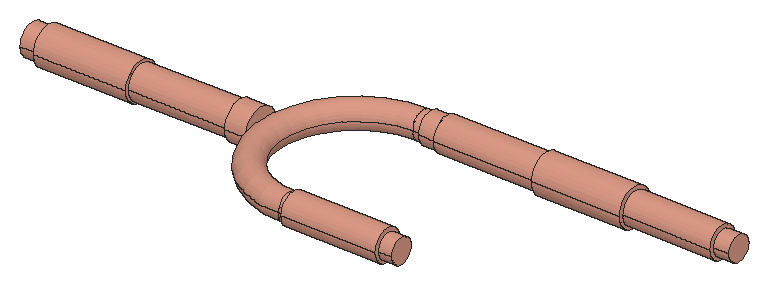
Revit family "outputfile", category 配管付属品, Revit 2024
Family settings
  丸型コネクタ寸法 = 半径を使用
  パーツ タイプ = 標準
  OmniClass 番号 = 23.65.55.00
  OmniClass タイトル = Distribution of Supplied Liquids/Gases
  作業面ベース = いいえ
  常に垂直 = はい
  ロード時にボイドで切り取り = いいえ
  共有 = いいえ
Parameters (values of type "KHRP24B22T")
  Description = ""
  製造元 = "Daikin"
  書き出し IFC クラス(タイプ) = "IfcPipeFittingType"
  定義済み IFC タイプ(タイプ) = "JUNCTION"
  Cost = 0
  Type Comments = ""
  Keynote = ""
  Type Image = (empty or 0)
  Assembly Code = ""
  switch_StraightPipe_Reducer [instance] = if(Is_StraightPipe Reducer = 1, 1 = 1, 1 = 0)  # no
  switch_StraightPipe4 [instance] = if(number_StraightPipe = 4, 1 = 1, 1 = 0)  # yes
  switch_StraightPipe1 [instance] = if(number_StraightPipe < 1, 1 = 0, 1 = 1)  # yes
  switch_Inlet pipe1 [instance] = if(number_InletPipe = 0, 1 = 0, 1 = 1)  # yes
  switch_BranchPipe1 [instance] = if(number_BranchPipe = 0, 1 = 0, 1 = 1)  # yes
  mm⇔inch [instance] = yes
  l_dividePipe2 [instance] = size_lookup(table_Inlet, "L_devidePipe2", 47.7 mm, モデル)  # 47.67 mm
  l_dividePipe0 = 5.53 mm
  l_StraightPipe4 [instance] = size_lookup(table_StraightPipe, "L_Pipe4", 7.7 mm, モデル)  # 7.7 mm
  l_InletPipe00 = 9.86 mm
  l_BranchPipe_Straight2 [instance] = size_lookup(table_BranchPipe, "L_offsetPipe2", 2.0 mm, モデル)  # 2.0 mm
  l_BranchPipe_Straight1 [instance] = size_lookup(table_BranchPipe, "L_offsetPipe1", 2.0 mm, モデル)  # 2.0 mm
  URL = ""
  I.D_StraightPipe4 [instance] = size_lookup(table_StraightPipe, "I.D_PipeSize4", 9.5 mm, モデル)  # 9.5 mm
  +++I.D_InletPipe000 [instance] = I.D_OutletPipe + 2.0 mm  # 12.7 mm
  I.D_InletPipe00 = 16.0 mm
  既定の高さ = 0.0 mm
  モデル = "KHRP24B22T"
  table_StraightPipe [instance] = if(mm⇔inch, "Refnet Joint_KHRP24B-T_HPLPGas_StraightPipe", "Refnet Joint_KHRP24B-T_HPLPGas_StraightPipe_inch")  # "Refnet Joint_KHRP24B-T_HPLPGas_StraightPipe"
  table_BranchPipe [instance] = if(mm⇔inch, "Refnet Joint_KHRP24B-T_HPLPGas_BranchPipe", "Refnet Joint_KHRP24B-T_HPLPGas_BranchPipe_inch")  # "Refnet Joint_KHRP24B-T_HPLPGas_BranchPipe"
  table_Inlet [instance] = if(mm⇔inch, "Refnet Joint_KHRP24B-T_HPLPGas_Inlet", "Refnet Joint_KHRP24B-T_HPLPGas_Inlet_inch")  # "Refnet Joint_KHRP24B-T_HPLPGas_Inlet"
  switch_StraightPipe3 [instance] = if(number_StraightPipe < 3, 1 = 0, 1 = 1)  # yes
  switch_StraightPipe2 [instance] = if(number_StraightPipe < 2, 1 = 0, 1 = 1)  # yes
  switch_BranchPipe_Reducer [instance] = if(Is_BranchPipe Reducer = 1, 1 = 1, 1 = 0)  # no
  switch_BranchPipe3 [instance] = if(number_BranchPipe = 3, 1 = 1, 1 = 0)  # no
  switch_BranchPipe2 [instance] = if(number_BranchPipe < 2, 1 = 0, 1 = 1)  # yes
  switch_Inlet pipe_Reducer [instance] = if(Is_Inlet Reducer = 1, 1 = 1, 1 = 0)  # no
  switch_Inlet pipe3 [instance] = if(number_InletPipe = 3, 1 = 1, 1 = 0)  # no
  switch_Inlet pipe2 [instance] = if(number_InletPipe < 2, 1 = 0, 1 = 1)  # yes
  Uniclass2015Version = "Products v1.31"
  Uniclass2015Title = "Copper pipe fittings"
  Uniclass2015Code = "Pr_65_52_63_18"
  StraightPipe_HP/LP Gas_ActualDiameter [instance] = 9.5 mm
  Material_Piping = DAIKIN_Copper_Pipe
  Material_Insulation = DAIKIN_White_Insulation
  lw_Insulation [instance] = size_lookup(table_Inlet, "lw_Insulation", 57.0 mm, モデル)  # 56.97 mm
  Unit Type = "KHRP24B-T_HPLPGas"
  Tag No. [instance] = ""
  StraightPipe_HP/LP Gas_Status [instance] = size_lookup(table_StraightPipe, "Information", "The connected pipe size is not available.", モデル, [StraightPipe_HP/LP Gas_ActualDiameter])  # "Default connector size is used."
  Link_Nested Family [instance] = ""
  Inlet_HP/LP Gas_Actual Diameter [instance] = 12.7 mm
  IfcVersion = ""
  IfcExportType = "JUNCTION"
  IfcExportAs = "IfcPipeFittingType"
  BranchPipe_HP/LP Gas_Status [instance] = size_lookup(table_BranchPipe, "Information", "The connected pipe size is not available.", モデル, [BranchPipe_HP/LP Gas_ActualDiameter])  # "Default connector size is used."
  Inlet_HP/LP Gas_Status [instance] = size_lookup(table_Inlet, "Information", "The connected pipe size is not available.", モデル, [Inlet_HP/LP Gas_Actual Diameter])  # "Default connector size is used."
  Series = "Refnet Joint"
  r_StraightPipe_Connector [instance] = [StraightPipe_HP/LP Gas_ActualDiameter] / 2  # 4.75 mm
  r_BranchPipe_Connector [instance] = [BranchPipe_HP/LP Gas_ActualDiameter] / 2  # 4.75 mm
  r_Inlet_Connector [instance] = [Inlet_HP/LP Gas_Actual Diameter] / 2  # 6.35 mm
  number_StraightPipe [instance] = size_lookup(table_StraightPipe, "pipeNumber", 3, モデル, [StraightPipe_HP/LP Gas_ActualDiameter])  # 4
  number_BranchPipe [instance] = size_lookup(table_BranchPipe, "pipeNumber", 2, モデル, [BranchPipe_HP/LP Gas_ActualDiameter])  # 2
  number_InletPipe [instance] = size_lookup(table_Inlet, "pipeNumber", 2, モデル, [Inlet_HP/LP Gas_Actual Diameter])  # 2
  l_BranchPipe connector [instance] = size_lookup(table_BranchPipe, "Length", 51.5 mm, モデル, [BranchPipe_HP/LP Gas_ActualDiameter])  # 51.46 mm
  l_inlet connector [instance] = size_lookup(table_Inlet, "Length", 108.9 mm, モデル, [Inlet_HP/LP Gas_Actual Diameter])  # 108.87 mm
  l_dividePipe1 [instance] = size_lookup(table_Inlet, "L_devidePipe1", 49.1 mm, モデル)  # 49.13 mm
  l_StraightPipeReducer [instance] = size_lookup(table_StraightPipe, "L_Reducer", 2.0 mm, モデル, [StraightPipe_HP/LP Gas_ActualDiameter])  # 2.0 mm
  l_StraightPipe3 [instance] = size_lookup(table_StraightPipe, "L_Pipe3", 7.7 mm, モデル)  # 42.0 mm
  l_StraightPipe2 [instance] = size_lookup(table_StraightPipe, "L_Pipe2", 42.0 mm, モデル)  # 42.0 mm
  l_StraightPipe1 [instance] = size_lookup(table_StraightPipe, "L_Pipe1", 42.0 mm, モデル)  # 47.6 mm
  l_StraightPipe0 [instance] = size_lookup(table_StraightPipe, "L_Pipe0", 47.6 mm, モデル)  # 7.7 mm
  l_StraightPipe connector [instance] = size_lookup(table_StraightPipe, "Length", 147.0 mm, モデル, [StraightPipe_HP/LP Gas_ActualDiameter])  # 147.0 mm
  l_BranchPipe Reducer [instance] = size_lookup(table_BranchPipe, "L_Reducer", 2.0 mm, モデル, [BranchPipe_HP/LP Gas_ActualDiameter])  # 2.0 mm
  l_BranchPipe3 [instance] = size_lookup(table_BranchPipe, "L_Pipe3", 2.0 mm, モデル)  # 2.0 mm
  l_BranchPipe2 [instance] = size_lookup(table_BranchPipe, "L_Pipe2", 6.6 mm, モデル)  # 6.58 mm
  l_BranchPipe1 [instance] = size_lookup(table_BranchPipe, "L_Pipe1", 44.9 mm, モデル)  # 44.88 mm
  l_BranchPipe0 [instance] = size_lookup(table_BranchPipe, "L_Pipe0", 2.0 mm, モデル)  # 2.0 mm
  l_InletReducer [instance] = size_lookup(table_Inlet, "L_Reducer", 2.0 mm, モデル, [Inlet_HP/LP Gas_Actual Diameter])  # 2.0 mm
  l_InletPipe3 [instance] = size_lookup(table_Inlet, "L_Pipe3", 2.0 mm, モデル)  # 2.0 mm
  l_InletPipe2 [instance] = size_lookup(table_Inlet, "L_Pipe2", 7.7 mm, モデル)  # 7.67 mm
  l_InletPipe1 [instance] = size_lookup(table_Inlet, "L_Pipe1", 44.0 mm, モデル)  # 44.04 mm
  l_InletPipe0 [instance] = size_lookup(table_Inlet, "L_Pipe0", 47.3 mm, モデル)  # 47.3 mm
  center_StraightPipe [instance] = size_lookup(table_StraightPipe, "center_Pipe", 40.0 mm, モデル)  # 40.0 mm
  center_BranchPipe [instance] = size_lookup(table_BranchPipe, "center_OffsetPipe", 40.0 mm, モデル)  # 40.0 mm
  StraightPipe_HP/LP Gas_AvailableDiameter [instance] = size_lookup(table_StraightPipe, "sizeVariation", "", モデル)  # "9.5/12.7/15.9mm"
  BranchPipe_HP/LP Gas_AvailableDiameter [instance] = size_lookup(table_BranchPipe, "sizeVariation", "", モデル)  # "9.5/12.7mm"
  Inlet_HP/LP Gas_Available Diameter [instance] = size_lookup(table_Inlet, "sizeVariation", "", モデル)  # "9.5/12.7/15.9mm"
  O.D_StraightPipe Reducer [instance] = size_lookup(table_StraightPipe, "O.D_reducer", 2.0 mm, モデル, [StraightPipe_HP/LP Gas_ActualDiameter])  # 2.0 mm
  O.D_Offset Outlet Reducer [instance] = size_lookup(table_BranchPipe, "O.D_reducer", 2.0 mm, モデル, [BranchPipe_HP/LP Gas_ActualDiameter])  # 2.0 mm
  O.D_Inlet Reducer [instance] = size_lookup(table_Inlet, "O.D_reducer", 2.0 mm, モデル, [Inlet_HP/LP Gas_Actual Diameter])  # 2.0 mm
  Is_StraightPipe Reducer [instance] = size_lookup(table_StraightPipe, "IsReducer", 0, モデル, [StraightPipe_HP/LP Gas_ActualDiameter])  # 0
  Is_BranchPipe Reducer [instance] = size_lookup(table_BranchPipe, "IsReducer", 0, モデル, [BranchPipe_HP/LP Gas_ActualDiameter])  # 0
  Is_Inlet Reducer [instance] = size_lookup(table_Inlet, "IsReducer", 0, モデル, [Inlet_HP/LP Gas_Actual Diameter])  # 0
  BranchPipe_HP/LP Gas_ActualDiameter [instance] = 9.5 mm
  Attach_Insulation [instance] = no
  I.D_StraightPipe3 [instance] = size_lookup(table_StraightPipe, "I.D_PipeSize3", 9.5 mm, モデル)  # 12.7 mm
  I.D_StraightPipe2 [instance] = size_lookup(table_StraightPipe, "I.D_PipeSize2", 12.7 mm, モデル)  # 15.9 mm
  I.D_StraightPipe1 [instance] = size_lookup(table_StraightPipe, "I.D_PipeSize1", 15.9 mm, モデル)  # 13.9 mm
  I.D_StraightPipe0 [instance] = size_lookup(table_StraightPipe, "I.D_PipeSize0", 13.9 mm, モデル)  # 12.4 mm
  I.D_BranchPipe3 [instance] = size_lookup(table_BranchPipe, "I.D_PipeSize3", 2.0 mm, モデル)  # 2.0 mm
  I.D_BranchPipe2 [instance] = size_lookup(table_BranchPipe, "I.D_PipeSize2", 9.5 mm, モデル)  # 9.5 mm
  I.D_BranchPipe1 [instance] = size_lookup(table_BranchPipe, "I.D_PipeSize1", 12.7 mm, モデル)  # 12.7 mm
  I.D_BranchPipe0 [instance] = size_lookup(table_BranchPipe, "I.D_PipeSize0", 2.0 mm, モデル)  # 2.0 mm
  I.D_Straight Reducer [instance] = size_lookup(table_StraightPipe, "I.D_reducer", 2.0 mm, モデル, [StraightPipe_HP/LP Gas_ActualDiameter])  # 2.0 mm
  I.D_OutletPipe [instance] = size_lookup(table_Inlet, "I.D_OutletPipeSize", 10.7 mm, モデル, [Inlet_HP/LP Gas_Actual Diameter])  # 10.7 mm
  I.D_Branch Reducer [instance] = size_lookup(table_BranchPipe, "I.D_reducer", 2.0 mm, モデル, [BranchPipe_HP/LP Gas_ActualDiameter])  # 2.0 mm
  I.D_Inlet Reducer [instance] = size_lookup(table_Inlet, "I.D_reducer", 2.0 mm, モデル, [Inlet_HP/LP Gas_Actual Diameter])  # 2.0 mm
  I.D_InletPipe3 [instance] = size_lookup(table_Inlet, "I.D_PipeSize3", 2.0 mm, モデル)  # 2.0 mm
  I.D_InletPipe2 [instance] = size_lookup(table_Inlet, "I.D_PipeSize2", 12.7 mm, モデル)  # 12.7 mm
  I.D_InletPipe1 [instance] = size_lookup(table_Inlet, "I.D_PipeSize1", 15.9 mm, モデル)  # 15.9 mm
  I.D_InletPipe0 [instance] = size_lookup(table_Inlet, "I.D_PipeSize0", 13.9 mm, モデル)  # 13.88 mm
Reference planes
  plane 1 "Center (Front/Back)": y = 0
  plane 2: z = 0
  plane 3 "base_left": x = 0
  plane 4: x = 7.67
  plane 5: x = 51.71
  plane 6: x = 99.01
  plane 7: x = 108.87
  plane 8 "l_dividePipe1": x = 158
  plane 9: x = 165.7
  plane 10 "center_straight outlet": y = 40
  plane 11 "center2_offset outlet": y = -40
  plane 12: x = 213.3
  plane 13: x = 255.3
  plane 14: x = 297.3
  plane 15: x = 201.42
  plane 16: x = 208
  plane 17: x = 305
  plane 18: x = 210
  plane 19 "Reducer_straightoutlet": x = 208
  plane 20 "connector": x = 305
  plane 21 "Inlet_connector": x = 0
  plane 22 "Left_Insulation": x = 51.9
  plane 23: x = 114.4
  plane 24 "l_dividePipe2": x = 156.54
  plane 25: x = 154.4
Forms (mm)
  Sweep 1, solid, material "DAIKIN_Copper_Pipe" <- "Material_Piping"
    path origin (0, 0, 0) x (1, 0, 0) y (0, 1, 0)
      loop
        line (156.54, -40) -> (154.4, -40)
        arc (154.4, -40) -> (114.4, 0) -> (154.4, 40) r 40
        line (154.4, 40) -> (158, 40)
    profile origin (156.2, 40, 0) x (0, 1, 0) y (0, 0, 1)
      loop
        circle (0, 0) r 6.35
Dimensions and locks
  "l_InletPipe2": plane 3 "base_left" to plane 4
  "l_InletPipe1": plane 4 to plane 5
  "l_InletPipe0": plane 5 to plane 6
  "l_InletPipe00": plane 6 to plane 7
  "center_StraightPipe": plane 1 "Center (Front/Back)" to plane 10 "center_straight outlet"
  "center_BranchPipe": plane 11 "center2_offset outlet" to plane 1 "Center (Front/Back)"
  "l_dividePipe1": plane 7 to plane 8 "l_dividePipe1"
  "l_StraightPipe0": plane 8 "l_dividePipe1" to plane 9
  "l_StraightPipe1": plane 9 to plane 12
  "l_BranchPipe2": plane 15 to plane 16
  "l_StraightPipe3": plane 13 to plane 14
  "l_StraightPipe4": plane 14 to plane 17
  "l_BranchPipe3": plane 16 to plane 18
  "l_BranchPipe connector": plane 24 "l_dividePipe2" to plane 19 "Reducer_straightoutlet"
  "l_StraightPipe connector": plane 8 "l_dividePipe1" to plane 20 "connector"
  "l_inlet connector": plane 21 "Inlet_connector" to plane 7
  "lw_Insulation": plane 22 "Left_Insulation" to plane 7
  "l_dividePipe0": plane 7 to plane 23
  "l_dividePipe2": plane 7 to plane 24 "l_dividePipe2"
  "l_BranchPipe1": plane 24 "l_dividePipe2" to plane 15
  "center_StraightPipe": plane 23 to plane 25
  "l_StraightPipe2": plane 12 to plane 13
  "center_StraightPipe": radius of Sweep 1 sketch curve
  "+++I.D_InletPipe000": diameter of Sweep 1 sketch curve
  aligned and locked: level to plane 2
  aligned and locked: plane 7 to nested 1
  aligned and locked: plane 1 "Center (Front/Back)" to nested 1
  aligned and locked: plane 10 "center_straight outlet" to nested 2
  aligned and locked: nested 2 to plane 8 "l_dividePipe1"
  aligned and locked: plane 11 "center2_offset outlet" to nested 3
  aligned and locked: nested 4 to plane 1 "Center (Front/Back)"
  aligned and locked: nested 5 to plane 11 "center2_offset outlet"
  aligned and locked: plane 20 "connector" to nested 6
  aligned and locked: nested 6 to plane 10 "center_straight outlet"
  aligned and locked: nested 4 to plane 21 "Inlet_connector"
  aligned and locked: plane 19 "Reducer_straightoutlet" to nested 5
  aligned and locked: plane 1 "Center (Front/Back)" to nested 7
  aligned and locked: plane 22 "Left_Insulation" to nested 7
  aligned and locked: plane 1 "Center (Front/Back)" to Sweep 1 sketch curve
  aligned and locked: plane 8 "l_dividePipe1" to Sweep 1 sketch curve
  aligned and locked: plane 25 to Sweep 1 sketch curve
  aligned and locked: plane 24 "l_dividePipe2" to nested 3
  aligned and locked: plane 24 "l_dividePipe2" to Sweep 1 sketch curve
  aligned and locked: nested 9 to plane 7
  aligned and locked: plane 1 "Center (Front/Back)" to nested 9
  aligned and locked: nested 9 to plane 6
  aligned and locked: plane 2 to nested 9
  aligned and locked: plane 1 "Center (Front/Back)" to nested 11
  aligned and locked: plane 5 to nested 11
  aligned and locked: nested 11 to plane 6
  aligned and locked: plane 1 "Center (Front/Back)" to nested 12
  aligned and locked: plane 5 to nested 12
  aligned and locked: plane 4 to nested 12
  aligned and locked: plane 1 "Center (Front/Back)" to nested 13
  aligned and locked: plane 4 to nested 13
  aligned and locked: plane 3 "base_left" to nested 13
  aligned and locked: plane 24 "l_dividePipe2" to nested 10
  aligned and locked: plane 15 to nested 10
  aligned and locked: nested 10 to plane 11 "center2_offset outlet"
  aligned and locked: nested 14 to plane 11 "center2_offset outlet"
  aligned and locked: plane 15 to nested 14
  aligned and locked: plane 16 to nested 14
  aligned and locked: nested 15 to plane 11 "center2_offset outlet"
  aligned and locked: plane 16 to nested 15
  aligned and locked: plane 18 to nested 15
  aligned and locked: nested 8 to plane 8 "l_dividePipe1"
  aligned and locked: nested 8 to plane 9
  aligned and locked: nested 8 to plane 10 "center_straight outlet"
  aligned and locked: nested 16 to plane 9
  aligned and locked: plane 12 to nested 16
  aligned and locked: nested 17 to plane 10 "center_straight outlet"
  aligned and locked: plane 12 to nested 17
  aligned and locked: plane 13 to nested 17
  aligned and locked: nested 16 to plane 10 "center_straight outlet"
  aligned and locked: plane 13 to nested 18
  aligned and locked: nested 18 to plane 10 "center_straight outlet"
  aligned and locked: plane 14 to nested 18
  aligned and locked: nested 19 to plane 10 "center_straight outlet"
  aligned and locked: plane 14 to nested 19
  aligned and locked: plane 17 to nested 19
Automatic sketch dimensions
  Sweep 1 sketch curve to level = 0.0 mm
  Sweep 1 sketch curve to profile plane = 0.0 mm
Nested families
  nested 1: "daikin_connector_rotate2" at (108.87, 0, 0) x (0, -1, 0) z (0, 0, 1), length <- "l_inlet connector", type "daikin_connector_rotate2"
    with radius 5.0 mm, length 108.87 mm, angle_vertical 90.00°, show_face no, locaton_mark no
  nested 2: "daikin_connector_rotate2" at (158, 40, 0) x (0, 1, 0) z (0, 0, 1), length <- "l_StraightPipe connector", type "daikin_connector_rotate2"
    with radius 5.0 mm, length 147.0 mm, angle_vertical 90.00°, show_face no, locaton_mark no
  nested 3: "daikin_connector_rotate2" at (156.54, -40, 0) x (0, 1, 0) z (0, 0, 1), length <- "l_BranchPipe connector", type "daikin_connector_rotate2"
    with radius 5.0 mm, length 51.46 mm, angle_vertical 90.00°, show_face no, locaton_mark no
  nested 4: "daikin_Pipe_reducer" at (1, 0, 0) x (-1, 0, 0) z (0, 0, 1), display <- "switch_Inlet pipe_Reducer", length_Pipe <- "l_InletReducer", I.D_Pipe1 <- "I.D_Inlet Reducer", O.D_Pipe2 <- "O.D_Inlet Reducer", type "*"
    with length_Pipe 2.0 mm, display no, O.D_Pipe2 2.0 mm, O.D_Pipe1 4.0 mm, I.D_Pipe2 0.0 mm, I.D_Pipe1 2.0 mm
  nested 5: "daikin_Pipe_reducer" at (207, -40, 0), I.D_Pipe1 <- "I.D_Branch Reducer", O.D_Pipe2 <- "O.D_Offset Outlet Reducer", length_Pipe <- "l_BranchPipe Reducer", display <- "switch_BranchPipe_Reducer", type "*"
    with length_Pipe 2.0 mm, display no, O.D_Pipe2 2.0 mm, O.D_Pipe1 4.0 mm, I.D_Pipe2 0.0 mm, I.D_Pipe1 2.0 mm
  nested 6: "daikin_Pipe_reducer" at (304, 40, 0), I.D_Pipe1 <- "I.D_Straight Reducer", O.D_Pipe2 <- "O.D_StraightPipe Reducer", length_Pipe <- "l_StraightPipeReducer", display <- "switch_StraightPipe_Reducer", type "*"
    with length_Pipe 2.0 mm, display no, O.D_Pipe2 2.0 mm, O.D_Pipe1 4.0 mm, I.D_Pipe2 0.0 mm, I.D_Pipe1 2.0 mm
  nested 7: "daikin_Insulation_RefnetJoint" at (51.9, 0, 0), I.D_Outlet PipeSize <- "I.D_OutletPipe", type "*"
    with h 42.7 mm, I.D_Outlet PipeSize 10.7 mm, display no
  nested 8: "daikin_Pipe" at (161.85, 40, 0), I.D_Pipe <- "I.D_StraightPipe0", type "*"
    with length_Pipe 7.7 mm, display yes, O.D_Pipe 14.4 mm, I.D_Pipe 12.4 mm
  nested 9: "daikin_Pipe" at (103.94, 0, 0), I.D_Pipe <- "I.D_InletPipe00", type "*"
    with length_Pipe 9.86 mm, display yes, O.D_Pipe 18.0 mm, I.D_Pipe 16.0 mm
  nested 10: "daikin_Pipe" at (178.98, -40, 0), I.D_Pipe <- "I.D_BranchPipe1", display <- "switch_BranchPipe1", type "*"
    with length_Pipe 44.88 mm, display yes, O.D_Pipe 14.7 mm, I.D_Pipe 12.7 mm
  nested 11: "daikin_Pipe" at (75.36, 0, 0), I.D_Pipe <- "I.D_InletPipe0", type "*"
    with length_Pipe 47.3 mm, display yes, O.D_Pipe 15.88 mm, I.D_Pipe 13.88 mm
  nested 12: "daikin_Pipe" at (29.69, 0, 0), I.D_Pipe <- "I.D_InletPipe1", display <- "switch_Inlet pipe1", type "*"
    with length_Pipe 44.04 mm, display yes, O.D_Pipe 17.9 mm, I.D_Pipe 15.9 mm
  nested 13: "daikin_Pipe" at (3.835, 0, 0), I.D_Pipe <- "I.D_InletPipe2", display <- "switch_Inlet pipe2", type "*"
    with length_Pipe 7.67 mm, display yes, O.D_Pipe 14.7 mm, I.D_Pipe 12.7 mm
  nested 14: "daikin_Pipe" at (204.71, -40, 0), I.D_Pipe <- "I.D_BranchPipe2", display <- "switch_BranchPipe2", type "*"
    with length_Pipe 6.58 mm, display yes, O.D_Pipe 11.5 mm, I.D_Pipe 9.5 mm
  nested 15: "daikin_Pipe" at (209, -40, 0), I.D_Pipe <- "I.D_BranchPipe3", display <- "switch_BranchPipe3", type "*"
    with length_Pipe 2.0 mm, display no, O.D_Pipe 4.0 mm, I.D_Pipe 2.0 mm
  nested 16: "daikin_Pipe" at (189.5, 40, 0), I.D_Pipe <- "I.D_StraightPipe1", display <- "switch_StraightPipe1", type "*"
    with length_Pipe 47.6 mm, display yes, O.D_Pipe 15.9 mm, I.D_Pipe 13.9 mm
  nested 17: "daikin_Pipe" at (234.3, 40, 0), I.D_Pipe <- "I.D_StraightPipe2", display <- "switch_StraightPipe2", type "*"
    with length_Pipe 42.0 mm, display yes, O.D_Pipe 17.9 mm, I.D_Pipe 15.9 mm
  nested 18: "daikin_Pipe" at (276.3, 40, 0), I.D_Pipe <- "I.D_StraightPipe3", display <- "switch_StraightPipe3", type "*"
    with length_Pipe 42.0 mm, display yes, O.D_Pipe 14.7 mm, I.D_Pipe 12.7 mm
  nested 19: "daikin_Pipe" at (301.15, 40, 0), I.D_Pipe <- "I.D_StraightPipe4", display <- "switch_StraightPipe4", type "*"
    with length_Pipe 7.7 mm, display yes, O.D_Pipe 11.5 mm, I.D_Pipe 9.5 mm
Connectors
  piping at (0, 0, 0), diameter 12.7, driven by "r_Inlet_Connector"
    settings: on nested 1, index 1, connector inside diameter 609.6 mm, connector length 0.0 mm, flow factor 0, pipe flow 0.00 m³/h, pressure drop 0.0 Pa, fitting loss kfactor 0, connector angle 0.00°, fixture units 0, engagement length 0.0 mm, angle of deflection 0.00°, flow configuration 0, flow direction 0, fitting loss method 0, system type 29, joint type 0, gender type 0, connector reference index -1, connector utility 0, adjustable connector no, is connector primary yes, connector description "Refnet Joint_Inlet_HP/LP Gas"
  piping at (208, -40, 0), diameter 9.5, driven by "r_BranchPipe_Connector"
    settings: on nested 3, index 2, connector inside diameter 609.6 mm, connector length 0.0 mm, flow factor 0, pipe flow 0.00 m³/h, pressure drop 0.0 Pa, fitting loss kfactor 0, connector angle 0.00°, fixture units 0, engagement length 0.0 mm, angle of deflection 0.00°, flow configuration 0, flow direction 0, fitting loss method 0, system type 29, joint type 0, gender type 0, connector reference index -1, connector utility 0, adjustable connector no, is connector primary no, connector description "Refnet Joint_Outlet Branch_HP/LP Gas"
  piping at (305, 40, 0), diameter 9.5, driven by "r_StraightPipe_Connector"
    settings: on nested 2, index 3, connector inside diameter 609.6 mm, connector length 0.0 mm, flow factor 0, pipe flow 0.00 m³/h, pressure drop 0.0 Pa, fitting loss kfactor 0, connector angle 0.00°, fixture units 0, engagement length 0.0 mm, angle of deflection 0.00°, flow configuration 0, flow direction 0, fitting loss method 0, system type 29, joint type 0, gender type 0, connector reference index -1, connector utility 0, adjustable connector no, is connector primary no, connector description "Refnet Joint_Outlet Straight_HP/LP Gas"
Definition of nested family "daikin_Pipe"
  Parameters (values of type "*")
    Default Elevation = 0.0 mm
    material = none
    length_Pipe [instance] = 150.0 mm
    display [instance] = yes
    O.D_Pipe [instance] = I.D_Pipe + 2.0 mm  # 27.0 mm
    I.D_Pipe [instance] = 25.0 mm
  Reference planes
    plane 1 "Center (Front/Back)": y = 0
    plane 2 "center(vertical)": z = 0
    plane 3 "Center (Left/Right)": x = 0
    plane 4 "left": x = -75
    plane 5 "right": x = 75
  Forms (mm)
    Extrusion 1, solid, material <- "material", visible <- "display"
      sketch origin (0, 0, 0) x (0, 1, 0) y (0, 0, 1)
        loop
          circle (0, 0) r 13.5
      from -75 to 75
  Dimensions and locks
    equal spacing: plane 4 "left", plane 3 "Center (Left/Right)", plane 5 "right"
    "length_Pipe": plane 4 "left" to plane 5 "right"
    "O.D_Pipe": diameter of Extrusion 1 sketch curve
    aligned and locked: level to plane 2 "center(vertical)"
    aligned and locked: plane 2 "center(vertical)" to Extrusion 1 sketch curve
    aligned and locked: plane 1 "Center (Front/Back)" to Extrusion 1 sketch curve
    aligned and locked: plane 5 "right" to Extrusion 1
    aligned and locked: Extrusion 1 to plane 4 "left"
Definition of nested family "daikin_connector_rotate2"
  Parameters (values of type "daikin_connector_rotate2")
    show_face = yes
    radius [instance] = 10.0 mm
    locaton_mark = yes
    length [instance] = 600.0 mm
    d_surface = 10.0 mm
    angle_vertical [instance] = 90.00°
    Default Elevation = 0.0 mm
  Reference planes
    plane 1 "Center (Front/Back)": y = 0
    plane 2: z = 0
    plane 3 "Center (Left/Right)": x = 0
  Forms (mm)
    Extrusion 1, solid, visible <- "show_face"
      sketch origin (0, -600, 0) x (1, 0, 0) y (0, 0, 1)
        loop
          circle (0, 0) r 10
      from 0 to -10
  Lines and regions (mm)
    reference lines
      curve 1: line (0, 0, 0) -> (0, -600, 0)
    symbolic lines, visible <- "locaton_mark"
      curve 2: circle (0, 0, 0) r 5 normal (0, 0, 1)
    model lines, visible <- "show_face"
      curve 3: line (0, 0, 0) -> (0, -600, 0)
  Dimensions and locks
    "length": curve 1 to curve 1
    "length": curve 3 to curve 3
    "d_surface": Extrusion 1 to Extrusion 1
    "radius": radius of Extrusion 1 sketch curve
    "angle_vertical": angle curve 1 to plane 1 "Center (Front/Back)"
    "angle_vertical": angle curve 3 to plane 1 "Center (Front/Back)"
    aligned and locked: level to plane 2
    aligned and locked: plane 1 "Center (Front/Back)" to curve 1
    aligned and locked: plane 2 to curve 1
    aligned and locked: plane 1 "Center (Front/Back)" to curve 2
    aligned and locked: plane 3 "Center (Left/Right)" to curve 2
    aligned and locked: plane 1 "Center (Front/Back)" to curve 3
    aligned and locked: plane 2 to curve 3
    aligned and locked: Extrusion 1 to Extrusion 1
  Automatic sketch dimensions
    Extrusion 1 sketch curve to level = 0.0 mm
    Extrusion 1 sketch curve to plane 3 "Center (Left/Right)" = 0.0 mm
    radius of curve 2 = 5.0 mm
Definition of nested family "daikin_Pipe_reducer"
  Parameters (values of type "*")
    Default Elevation = 0.0 mm
    material = none
    length_Pipe [instance] = 250.0 mm
    display [instance] = yes
    O.D_Pipe2 [instance] = 19.1 mm
    O.D_Pipe1 [instance] = I.D_Pipe1 + 2.0 mm  # 24.2 mm
    I.D_Pipe2 [instance] = O.D_Pipe2 - 2.0 mm  # 17.1 mm
    I.D_Pipe1 [instance] = 22.2 mm
  Reference planes
    plane 1 "Center (Front/Back)": y = 0
    plane 2 "center(vertical)": z = 0
    plane 3 "Center (Left/Right)": x = 0
    plane 4 "connection": x = -125
    plane 5 "right": x = 113
    plane 6: x = 125
  Forms (mm)
    Extrusion 1, solid, material <- "material", visible <- "display"
      sketch origin (0, 0, 0) x (0, 1, 0) y (0, 0, 1)
        loop
          circle (0, 0) r 9.55
      from -125 to 113
    Extrusion 2, solid, material <- "material", visible <- "display"
      sketch origin (0, 0, 0) x (0, 1, 0) y (0, 0, 1)
        loop
          circle (0, 0) r 12.1
      from 113 to 125
  Dimensions and locks
    locked: plane 5 "right" to plane 6 at 12
    "length_Pipe": plane 4 "connection" to plane 6
    equal spacing: plane 4 "connection", plane 3 "Center (Left/Right)", plane 6
    "O.D_Pipe2": diameter of Extrusion 1 sketch curve
    "O.D_Pipe1": diameter of Extrusion 2 sketch curve
    aligned and locked: level to plane 2 "center(vertical)"
    aligned and locked: plane 2 "center(vertical)" to Extrusion 1 sketch curve
    aligned and locked: plane 1 "Center (Front/Back)" to Extrusion 1 sketch curve
    aligned and locked: plane 5 "right" to Extrusion 1
    aligned and locked: Extrusion 1 to plane 4 "connection"
    aligned and locked: plane 2 "center(vertical)" to Extrusion 2 sketch curve
    aligned and locked: plane 1 "Center (Front/Back)" to Extrusion 2 sketch curve
    aligned and locked: Extrusion 2 to plane 5 "right"
    aligned and locked: plane 6 to Extrusion 2
Definition of nested family "daikin_Insulation_RefnetJoint"
  Parameters (values of type "*")
    Default Elevation = 0.0 mm
    Model = "KHRP24B22T"
    w_Insulation3 = size_lookup(table_Insulation, "w_Insulation3", 16.0 mm, Model)  # 35.0 mm
    w_Insulation2 = size_lookup(table_Insulation, "w_Insulation2", 77.0 mm, Model)  # 75.11 mm
    w_Insulation1 = size_lookup(table_Insulation, "w_Insulation1", 28.0 mm, Model)  # 39.89 mm
    table_Insulation = "Refnet Joint_KHRP24B-T_HPLPGas_Insulation"  # constant formula
    r_Insulation = d_Insulation1 / 2  # 69.0 mm
    material = none
    h [instance] = (I.D_Outlet PipeSize + 2.0 mm) + 30.0 mm  # 47.0 mm
    display = yes
    d_Insulation3 = size_lookup(table_Insulation, "d_Insulation3", 16.0 mm, Model)  # 22.0 mm
    d_Insulation2 = size_lookup(table_Insulation, "d_Insulation2", 64.0 mm, Model)  # 58.0 mm
    d_Insulation1 = size_lookup(table_Insulation, "d_Insulation1", 144.0 mm, Model)  # 138.0 mm
    I.D_Outlet PipeSize [instance] = 15.0 mm
  Reference planes
    plane 1 "Center (Front/Back)": y = 0
    plane 2: z = 0
    plane 3 "Left": x = 0
    plane 4 "top": z = 23.5
    plane 5 "bottom": z = -23.5
    plane 6: x = 39.89
    plane 7: y = 29
    plane 8: y = -29
    plane 9: y = 69
    plane 10: y = -69
    plane 11: x = 115
    plane 12: x = 150
    plane 13: y = 11
    plane 14: y = -11
  Forms (mm)
    Extrusion 1, solid, material <- "material", visible <- "display"
      sketch origin (-2, 0, 0) x (1, 0, 0) y (0, 1, 0)
        loop
          arc (104.5, 69) -> (67.352, 58.146) -> (41.89, 29) r 69
          line (41.89, 29) -> (2, 29) -> (2, -29) -> (41.89, -29)
          arc (41.89, -29) -> (67.352, -58.146) -> (104.5, -69) r 69
          line (104.5, -69) -> (152, -69) -> (152, -11) -> (117, -11) -> (117, 11) -> (152, 11) -> (152, 69) -> (104.5, 69)
      from -23.5 to 23.5
  Dimensions and locks
    equal spacing: plane 4 "top", plane 2, plane 5 "bottom"
    "h": plane 4 "top" to plane 5 "bottom"
    "d_Insulation2": plane 7 to plane 8
    "d_Insulation1": plane 9 to plane 10
    "w_Insulation2": plane 6 to plane 11
    "w_Insulation3": plane 11 to plane 12
    "d_Insulation3": plane 13 to plane 14
    "w_Insulation1": plane 3 "Left" to plane 6
    equal spacing: plane 9, plane 1 "Center (Front/Back)", plane 10
    equal spacing: plane 7, plane 1 "Center (Front/Back)", plane 8
    equal spacing: plane 13, plane 1 "Center (Front/Back)", plane 14
    "r_Insulation": radius of Extrusion 1 sketch curve  (x2)
    aligned and locked: level to plane 2
    aligned and locked: Extrusion 1 to plane 5 "bottom"
    aligned and locked: plane 4 "top" to Extrusion 1
    aligned and locked: Extrusion 1 sketch curve to plane 10
    aligned and locked: Extrusion 1 sketch curve to plane 9
    aligned and locked: plane 7 to Extrusion 1 sketch curve
    aligned and locked: plane 8 to Extrusion 1 sketch curve
    aligned and locked: Extrusion 1 sketch curve to plane 12  (x2)
    aligned and locked: plane 13 to Extrusion 1 sketch curve
    aligned and locked: Extrusion 1 sketch curve to plane 14
    aligned and locked: Extrusion 1 sketch curve to plane 11
    aligned and locked: Extrusion 1 to plane 3 "Left"
    aligned and locked: plane 6 to Extrusion 1 sketch curve  (x2)
  Automatic sketch dimensions
    Extrusion 1 sketch curve to plane 3 "Left" = 0.0 mm
